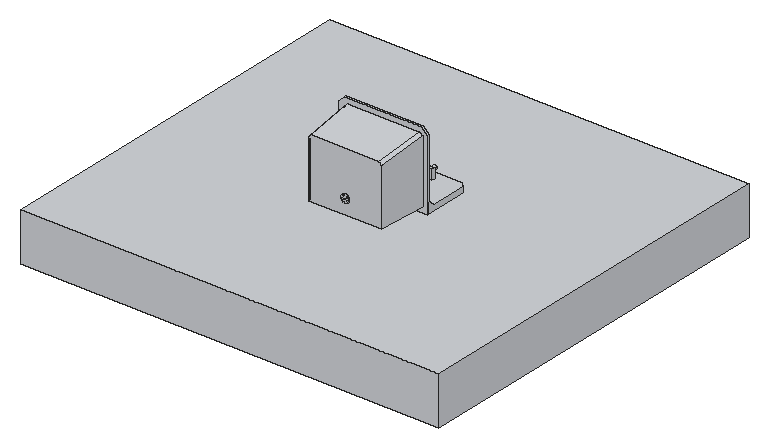
Revit family "M_Pia - Serviço", category Peças hidrossanitárias, Revit 2019
Family settings
  Hospedeiro = Face
  Cota do conector redondo = Usar raio
  Tipo de parte = Normal
  Número OmniClass = 23.45.05.14.14.27
  Título OmniClass = Service Sinks
  ID de item do Seek = Sink - Service-0000-CAN-ENU
  Corte com vazios quando carregada = Não
  Compartilhado = Não
  Ponto de cálculo do ambiente = Não
Parameters (values of type "560 mmx485 mm - Escritório")
  WFU = 2
  Largura da pia = 485 mm
  Material da pia = none
  Comprimento da pia = 560 mm
  Profundidade da pia = 305 mm
  Raio do sanitário = 20 mm
  Diâmetro do sanitário = 2 * Raio do sanitário  # 40 mm
  Raio da água quente = 7.5 mm
  Diâmetro da água quente = 2 * Raio da água quente  # 15 mm
  Comprimento de meia pia = 1 / 2 * Comprimento da pia  # 280 mm
  HWFU = 2.25
  Pressão do fluxo [instance] = 55158.0 Pa
  Material da torneira = none
  Altura da torneira = 225 mm
  Elevação-padrão = 850 mm
  Raio da água gelada = 7.5 mm
  Diâmetro da água gelada = 2 * Raio da água gelada  # 15 mm
  CWFU = 2.25
Types (3, lengths in mm): name | Largura da pia | Comprimento da pia | Profundidade da pia | Comprimento de meia pia | Altura da torneira | Elevação-padrão
  (no name) | 485 | 560 | 305 | 280 | 225 | 850
  560 mmx485 mm - Escritório | 485 | 560 | 305 | 280 | 225 | 850
  760 mmx610 mm - Escritório | 610 | 760 | 406 | 380 | 254 | 1200
Reference planes
  plane 1 "Centro (Frente/Trás)": y = 0
  plane 2: z = 0
  plane 3 "Centro (Esquerda/Direita)": x = 0
  plane 4: x = -280
  plane 5: x = 280
  plane 6: z = 485
  plane 7: z = 38.1
  plane 8: x = 241.9
  plane 9: z = 446.9
  plane 10: x = -241.9
  plane 11: y = -6.35
  plane 12: y = -305
  plane 13: y = -308.175
  plane 14: x = -245.075
  plane 15: z = 450.075
  plane 16: x = 245.075
  plane 17: z = 34.925
  plane 18: x = -229.2
  plane 19: z = 408.8
  plane 20: x = 229.2
  plane 21: z = 391.338
  plane 22: x = -211.737
  plane 23: x = 211.738
  plane 24: z = 391.337
  plane 25: x = -226.025
  plane 26: z = 405.625
  plane 27: x = 226.025
  plane 28: z = 127
  plane 29: y = 299.613
  plane 30: x = -251.425
  plane 31: y = 271.038
  plane 32: x = 251.425
  plane 33: z = 76.2
  plane 34: y = 38.1
  plane 35: y = 225
  plane 36: y = 244.05
  plane 37: y = 263.1
  plane 38: x = -120.65
  plane 39: x = 120.65
  plane 40: x = -95.25
  plane 41: x = 95.25
  plane 42: z = 101.6
  plane 43: z = 203.2
  plane 44: x = -12.7
  plane 45: x = 12.7
  plane 46: z = 88.9
  plane 47: x = -107.95
  plane 48: x = 107.95
  plane 49: z = 190.5
Forms (mm)
  Extrusion 1, solid
    sketch origin (0, 0, 0) x (1, 0, 0) y (0, 1, 0)
      loop
        line (-1319.8, 1219.2) -> (-1319.8, -1219.2) -> (1319.8, -1219.2) -> (1319.8, 1219.2) -> (-1319.8, 1219.2)
    from 0 to -304.8
  Extrusion 2, solid, material <- "Material da pia"
    sketch origin (0, 0, 0) x (1, 0, 0) y (0, 0, 1)
      loop
        line (-241.9, 485) -> (-280, 446.9) -> (-280, 0) -> (280, 0) -> (280, 446.9) -> (241.9, 485) -> (-241.9, 485)
      loop
        line (-226.118, 446.9) -> (-241.9, 431.118) -> (-241.9, 38.1) -> (241.9, 38.1) -> (241.9, 431.118) -> (226.118, 446.9) -> (-226.118, 446.9)
    from 0 to 6.35
  Blend 3, solid, material <- "Material da pia"
    base sketch origin (0, 0, 0) x (1, 0, 0) y (0, 0, 1)
      loop
        line (-211.737, 408.8) -> (-229.2, 391.338) -> (-229.2, 34.925) -> (229.2, 34.925) -> (229.2, 391.338) -> (211.738, 408.8) -> (-211.737, 408.8)
    top sketch origin (0, 0, 0) x (1, 0, 0) y (0, 0, 1)
      loop
        line (-227.434, 450.075) -> (-245.075, 432.434) -> (-245.075, 34.925) -> (245.075, 34.925) -> (245.075, 432.434) -> (227.434, 450.075) -> (-227.434, 450.075)
    from 308.175 to 6.35
  Blend 4, void
    base sketch origin (0, 0, 0) x (1, 0, 0) y (0, 0, 1)
      loop
        line (-211.737, 405.625) -> (-226.025, 391.338) -> (-226.025, 38.1) -> (226.025, 38.1) -> (226.025, 391.338) -> (211.738, 405.625) -> (-211.737, 405.625)
    top sketch origin (0, 0, 0) x (1, 0, 0) y (0, 0, 1)
      loop
        line (-226.118, 446.9) -> (-241.9, 431.118) -> (-241.9, 38.1) -> (241.9, 38.1) -> (241.9, 431.118) -> (226.118, 446.9) -> (-226.118, 446.9)
    from 305 to 6.35
  Extrusion 5, solid, material <- "Material da pia"
    sketch origin (0, 0, 0) x (1, 0, 0) y (0, 0, 1)
      loop
        circle (0, 127) r 25.4
    from 305 to 308.175
  Extrusion 6, solid, material <- "Material da pia"
    sketch origin (0, 0, 0) x (1, 0, 0) y (0, 1, 0)
      loop
        line (-251.425, 299.613) -> (-280, 271.038) -> (-280, 0) -> (280, 0) -> (280, 271.038) -> (251.425, 299.613) -> (-251.425, 299.613)
    from 0 to 38.1
  Extrusion 7, solid, material <- "Material da pia"
    sketch origin (0, 0, 0) x (0, 1, 0) y (0, 0, 1)
      loop
        line (0, 76.2) -> (0, 38.1) -> (38.1, 38.1) -> (0, 76.2)
    from 241.9 to 280
  Extrusion 8, solid, material <- "Material da pia"
    sketch origin (0, 0, 0) x (0, 1, 0) y (0, 0, 1)
      loop
        line (0, 76.2) -> (0, 38.1) -> (38.1, 38.1) -> (0, 76.2)
    from -280 to -241.9
  Extrusion 9, solid, material <- "Material da torneira", detail levels fine
    sketch origin (0, 0, 0) x (1, 0, 0) y (0, 0, 1)
      loop
        line (-120.65, 101.6) -> (-120.65, 38.1) -> (-95.25, 38.1) -> (-95.25, 76.2) -> (95.25, 76.2) -> (95.25, 38.1) -> (120.65, 38.1) -> (120.65, 101.6) -> (-120.65, 101.6)
    from -244.05 to -225
  Extrusion 10, solid, material <- "Material da torneira", detail levels fine
    sketch origin (0, 0, 0) x (1, 0, 0) y (0, 0, 1)
      loop
        line (-12.7, 203.2) -> (-12.7, 76.2) -> (12.7, 76.2) -> (12.7, 203.2) -> (-12.7, 203.2)
    from -263.1 to -244.05
  Extrusion 11, solid, material <- "Material da torneira", detail levels fine
    sketch origin (0, 0, 0) x (1, 0, 0) y (0, 0, 1)
      loop
        circle (-107.95, 88.9) r 12.7
    from -263.1 to -244.05
  Extrusion 12, solid, material <- "Material da torneira", detail levels fine
    sketch origin (0, 0, 0) x (1, 0, 0) y (0, 0, 1)
      loop
        circle (107.95, 88.9) r 12.7
    from -263.1 to -244.05
  Extrusion 13, solid, material <- "Material da torneira", detail levels fine
    sketch origin (0, 0, 0) x (1, 0, 0) y (0, 0, 1)
      loop
        circle (0, 190.5) r 12.7
    from -244.05 to -225
  Extrusion 14, solid, material <- "Material da pia"
    sketch origin (0, 0, 0) x (1, 0, 0) y (0, 1, 0)
      loop
        circle (-107.95, 225) r 12.7
      loop
        circle (107.95, 225) r 12.7
    from 0 to 38.1
Cuts and joins
  Blend 4 cuts Blend 3
  joined: Extrusion 2, Blend 3
  joined: Extrusion 9, Extrusion 10, Extrusion 11, Extrusion 12, Extrusion 13
  joined: Extrusion 6, Extrusion 7, Extrusion 8, Extrusion 14
Lines and regions (mm)
  reference lines
    curve 1: line (-280, 0, 446.9) -> (-158.767, 0, 568.133)
    curve 2: line (-131.826, 0, 541.193) -> (-333.882, 0, 339.137)
    curve 3: line (280, 0, 446.9) -> (140.806, 0, 586.094)
    curve 4: line (311.948, 0, 361.07) -> (82.952, 0, 590.067)
    curve 5: line (-176.151, 0, 501.358) -> (-265.954, 0, 411.555)
    curve 6: line (297.226, 0, 380.282) -> (149.052, 0, 528.456)
Dimensions and locks
  "Largura da pia": plane 6 to plane 2
  locked: plane 7 to plane 2 at 38.1
  locked: plane 5 to plane 8 at 38.1
  locked: plane 10 to plane 4 at 38.1
  locked: plane 6 to plane 9 at 38.1
  locked: plane 1 "Centro (Frente/Trás)" to plane 11 at 6.35
  "Profundidade da pia": plane 12 to plane 1 "Centro (Frente/Trás)"
  locked: plane 12 to plane 13 at 3.175
  equal spacing: plane 5, plane 3 "Centro (Esquerda/Direita)", plane 4
  "Comprimento de meia pia": plane 3 "Centro (Esquerda/Direita)" to plane 4
  locked: curve 2 to curve 1 at 38.1
  curve 3 to curve 4 = 38.1 mm
  locked: plane 15 to plane 9 at 3.175
  locked: plane 16 to plane 8 at 3.175
  locked: plane 10 to plane 14 at 3.175
  locked: plane 7 to plane 17 at 3.175
  locked: curve 5 to curve 2 at 3.175
  locked: curve 6 to curve 4 at 3.175
  locked: plane 18 to plane 4 at 50.8
  locked: plane 20 to plane 5 at 50.8
  locked: plane 6 to plane 19 at 76.2
  locked: plane 19 to plane 21 at 17.463
  locked: plane 22 to plane 18 at 17.463
  locked: plane 20 to plane 23 at 17.462
  locked: plane 19 to plane 24 at 17.463
  locked: plane 25 to plane 18 at 3.175
  locked: plane 27 to plane 20 at 3.175
  locked: plane 19 to plane 26 at 3.175
  locked: plane 28 to plane 2 at 127
  locked: plane 4 to plane 30 at 28.575
  locked: plane 29 to plane 31 at 28.575
  locked: plane 32 to plane 5 at 28.575
  locked: plane 34 to plane 1 "Centro (Frente/Trás)" at 38.1
  locked: plane 33 to plane 7 at 38.1
  "Altura da torneira": plane 35 to plane 1 "Centro (Frente/Trás)"
  locked: plane 29 to plane 35 at 74.613
  plane 37 to plane 36 to plane 35 = 19.05 mm locked, 19.05 mm locked
  plane 39 to plane 3 "Centro (Esquerda/Direita)" to plane 38 = 120.65 mm locked, 120.65 mm locked
  locked: plane 40 to plane 38 at 25.4
  locked: plane 39 to plane 41 at 25.4
  locked: plane 42 to plane 33 at 25.4
  locked: plane 43 to plane 42 at 101.6
  plane 45 to plane 3 "Centro (Esquerda/Direita)" to plane 44 = 12.7 mm locked, 12.7 mm locked
  equal spacing: plane 42, plane 46, plane 33
  equal spacing: plane 40, plane 47, plane 38
  equal spacing: plane 39, plane 48, plane 41
  locked: plane 43 to plane 49 at 12.7
  radius of Extrusion 5 sketch curve = 25.4 mm
  radius of Extrusion 11 sketch curve = 12.7 mm
  radius of Extrusion 12 sketch curve = 12.7 mm
  radius of Extrusion 13 sketch curve = 12.7 mm
  locked: curve 1 to plane 4 (angle 45.00°)
  locked: plane 5 to curve 3 (angle 45.00°)
  aligned and locked: plane 2 to Extrusion 1
  aligned and locked: level to Extrusion 1
  aligned and locked: Extrusion 2 sketch curve to plane 6
  aligned and locked: plane 2 to Extrusion 2 sketch curve
  aligned and locked: Extrusion 2 sketch curve to plane 5
  aligned and locked: plane 9 to Extrusion 2 sketch curve  (x2)
  aligned and locked: plane 10 to Extrusion 2 sketch curve
  aligned and locked: plane 8 to Extrusion 2 sketch curve
  aligned and locked: Extrusion 2 sketch curve to plane 9
  aligned and locked: plane 7 to Extrusion 2 sketch curve
  aligned and locked: Extrusion 2 sketch curve to plane 8
  aligned and locked: Extrusion 2 to plane 1 "Centro (Frente/Trás)"
  aligned and locked: Extrusion 2 to plane 11
  aligned and locked: plane 9 to curve 1
  aligned and locked: plane 4 to curve 1
  aligned and locked: curve 2 to Extrusion 2 sketch curve  (x2)
  aligned and locked: plane 5 to curve 3
  aligned and locked: plane 9 to curve 3
  aligned and locked: curve 4 to Extrusion 2 sketch curve  (x2)
  aligned and locked: plane 19 to Blend 3 sketch curve
  aligned and locked: plane 17 to Blend 3 sketch curve  (x2)
  aligned and locked: plane 20 to Blend 3 sketch curve
  aligned and locked: Blend 3 sketch curve to plane 15
  aligned and locked: Blend 3 sketch curve to plane 16
  aligned and locked: Blend 3 to plane 13
  aligned and locked: plane 11 to Blend 3
  aligned and locked: curve 5 to Blend 3 sketch curve  (x2)
  aligned and locked: curve 6 to Blend 3 sketch curve  (x2)
  aligned and locked: plane 22 to Blend 3 sketch curve
  aligned and locked: plane 21 to Blend 3 sketch curve
  aligned and locked: plane 23 to Blend 3 sketch curve
  aligned and locked: plane 24 to Blend 3 sketch curve
  aligned and locked: plane 26 to Blend 4 sketch curve
  aligned and locked: plane 7 to Blend 4 sketch curve
  aligned and locked: plane 27 to Blend 4 sketch curve
  aligned and locked: plane 21 to Blend 4 sketch curve
  aligned and locked: plane 22 to Blend 4 sketch curve
  aligned and locked: plane 23 to Blend 4 sketch curve
  aligned and locked: plane 24 to Blend 4 sketch curve
  aligned and locked: Blend 4 sketch curve to plane 9
  aligned and locked: Blend 4 sketch curve to Extrusion 2  (x3)
  aligned and locked: curve 2 to Blend 4 sketch curve
  aligned and locked: curve 4 to Blend 4 sketch curve  (x2)
  aligned and locked: Blend 4 to plane 12
  aligned and locked: plane 11 to Blend 4
  aligned and locked: plane 28 to Extrusion 5 sketch curve
  aligned and locked: plane 3 "Centro (Esquerda/Direita)" to Extrusion 5 sketch curve
  aligned and locked: Extrusion 5 to plane 13
  aligned and locked: plane 12 to Extrusion 5
  aligned and locked: Extrusion 6 sketch curve to plane 29
  aligned and locked: Extrusion 6 sketch curve to Extrusion 2  (x2)
  aligned and locked: plane 31 to Extrusion 6 sketch curve  (x2)
  aligned and locked: plane 30 to Extrusion 6 sketch curve
  aligned and locked: plane 32 to Extrusion 6 sketch curve
  aligned and locked: Extrusion 2 to plane 2
  aligned and locked: plane 7 to Extrusion 6
  aligned and locked: plane 1 "Centro (Frente/Trás)" to Extrusion 7 sketch curve
  aligned and locked: plane 33 to Extrusion 7 sketch curve
  aligned and locked: Extrusion 7 sketch curve to plane 7
  aligned and locked: plane 34 to Extrusion 7 sketch curve
  aligned and locked: plane 5 to Extrusion 7
  aligned and locked: Extrusion 7 to plane 8
  aligned and locked: Extrusion 8 sketch curve to plane 1 "Centro (Frente/Trás)"
  aligned and locked: plane 7 to Extrusion 8 sketch curve
  aligned and locked: plane 33 to Extrusion 8 sketch curve
  aligned and locked: plane 34 to Extrusion 8 sketch curve
  aligned and locked: Extrusion 8 to plane 4
  aligned and locked: plane 10 to Extrusion 8
  aligned and locked: plane 38 to Extrusion 9 sketch curve
  aligned and locked: Extrusion 9 sketch curve to plane 42
  aligned and locked: Extrusion 9 sketch curve to plane 39
  aligned and locked: Extrusion 9 sketch curve to plane 33
  aligned and locked: Extrusion 9 sketch curve to plane 41
  aligned and locked: plane 40 to Extrusion 9 sketch curve
  aligned and locked: plane 36 to Extrusion 9
  aligned and locked: Extrusion 9 to plane 35
  aligned and locked: plane 7 to Extrusion 9 sketch curve
  aligned and locked: Extrusion 9 sketch curve to plane 7
  aligned and locked: plane 44 to Extrusion 10 sketch curve
  aligned and locked: Extrusion 10 sketch curve to plane 43
  aligned and locked: plane 33 to Extrusion 10 sketch curve
  aligned and locked: Extrusion 10 sketch curve to plane 45
  aligned and locked: plane 37 to Extrusion 10
  aligned and locked: Extrusion 10 to plane 36
  aligned and locked: plane 46 to Extrusion 11 sketch curve
  aligned and locked: plane 47 to Extrusion 11 sketch curve
  aligned and locked: plane 46 to Extrusion 12 sketch curve
  aligned and locked: plane 48 to Extrusion 12 sketch curve
  aligned and locked: plane 37 to Extrusion 11
  aligned and locked: Extrusion 11 to plane 36
  aligned and locked: Extrusion 12 to plane 37
  aligned and locked: Extrusion 12 to plane 36
  aligned and locked: plane 49 to Extrusion 13 sketch curve
  aligned and locked: plane 3 "Centro (Esquerda/Direita)" to Extrusion 13 sketch curve
  aligned and locked: plane 36 to Extrusion 13
  aligned and locked: Extrusion 13 to plane 35
  aligned and locked: plane 35 to Extrusion 14 sketch curve  (x2)
  aligned and locked: plane 47 to Extrusion 14 sketch curve
  aligned and locked: plane 48 to Extrusion 14 sketch curve
  aligned and locked: Extrusion 14 to plane 2
  aligned and locked: plane 7 to Extrusion 14
Automatic sketch dimensions
  Extrusion 2 sketch curve to plane 4 = 0 mm
  Extrusion 2 sketch curve to plane 10 = 0 mm
  plane 4 to curve 5 = 14.046 mm
  plane 6 to curve 5 = 16.358 mm
  plane 6 to curve 2 = 56.193 mm
  curve 4 to curve 3 = 57.854 mm
  plane 6 to curve 6 = 43.456 mm
  plane 5 to curve 6 = 17.226 mm
  curve 6 to curve 4 = 14.722 mm
  Blend 3 sketch curve to plane 14 = 0 mm
  curve 2 to plane 4 = 53.882 mm
  Blend 3 sketch curve to plane 18 = 0 mm
  Blend 4 sketch curve to plane 25 = 0 mm
  Blend 4 sketch curve to plane 10 = 0 mm
  Extrusion 6 sketch curve to plane 4 = 0 mm
  Extrusion 1 sketch curve to Extrusion 1 sketch curve = 2639.6 mm
  Extrusion 1 sketch curve to Extrusion 1 sketch curve = 2438.4 mm
  radius of Extrusion 14 sketch curve = 12.7 mm  (x2)
Connectors
  piping at (107.95, 225, 0), diameter 15, driven by "CWFU", driven by "Pressão do fluxo", driven by "Raio da água gelada"
    settings: on Extrusion 14, index 1, connector inside diameter 15 mm, connector length 0 mm, flow factor 0, pipe flow 0.0 L/s, pressure drop 55158.0 Pa, fitting loss kfactor 0, connector angle 0.00°, fixture units 2.25, engagement length 0 mm, angle of deflection 0.00°, flow configuration 3, flow direction 1, fitting loss method 4, system type 20, joint type 0, gender type 0, connector reference index -1, connector utility 0, adjustable connector no, is connector primary yes, connector description "In"
  piping at (-107.95, 225, 0), diameter 15, driven by "HWFU", driven by "Pressão do fluxo", driven by "Raio da água quente"
    settings: on Extrusion 14, index 2, connector inside diameter 15 mm, connector length 0 mm, flow factor 0, pipe flow 0.0 L/s, pressure drop 55158.0 Pa, fitting loss kfactor 0, connector angle 0.00°, fixture units 2.25, engagement length 0 mm, angle of deflection 0.00°, flow configuration 3, flow direction 1, fitting loss method 4, system type 19, joint type 0, gender type 0, connector reference index -1, connector utility 0, adjustable connector no, is connector primary no, connector description "In"
  piping at (0, -308.175, 127), diameter 40, driven by "WFU", driven by "Raio do sanitário"
    settings: on Extrusion 5, index 3, connector inside diameter 40 mm, connector length 0 mm, flow factor 0, pipe flow 0.0 L/s, pressure drop 0.0 Pa, fitting loss kfactor 0, connector angle 0.00°, fixture units 2, engagement length 0 mm, angle of deflection 0.00°, flow configuration 3, flow direction 2, fitting loss method 0, system type 16, joint type 0, gender type 0, connector reference index -1, connector utility 0, adjustable connector no, is connector primary no, connector description "Saída"
